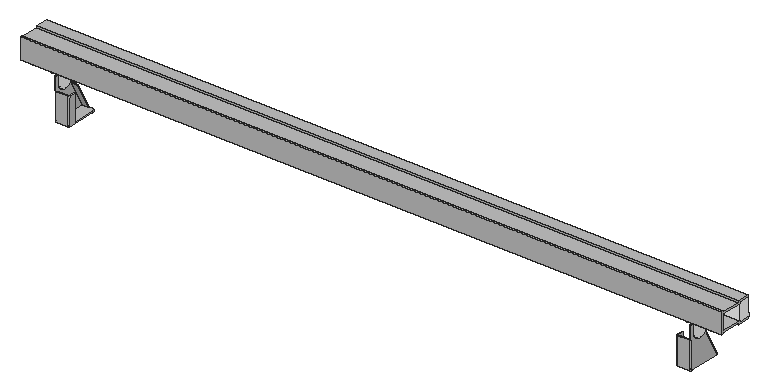
Revit family "4070763+4070746+4070771 Feilo Sylvania Lighting Fixture CURSUS 1161MM 871LM OVAL LED 4K with CONTINUOUS WALL HOUSING with 70MM WALL BRACKET", category Lighting Fixtures, host Face, Revit 2017
Family settings
  Host = Face
  Round Connector Dimension = Use Diameter
  Part Type = Normal
  OmniClass Number = 23.80.70.14
  OmniClass Title = Luminaries for External Lighting
  Cut with Voids When Loaded = Yes
  Light Source = No
  Shared = No
  Room Calculation Point = No
Parameters (values of type "4070763 CURSUS 1161MM 871LM OVAL LED 4K")
  Weight = "2.2 kg"
  Wattage Comments = "n/a"
  WarrantyStartDate [instance] = "n/a"
  WarrantyGuarantorParts = "n/a"
  WarrantyDurationUnit = "n/a"
  WarrantyDurationParts = "n/a"
  WarrantyDescription = "n/a"
  Voltage = 24 V
  URL = "http://www.sylvania-lighting.com"
  TypeName = "CURSUS 1161MM 871LM OVAL LED 4K"
  TypeFixture_FEILO = CURSUS with CONTINUOUS WALL HOUSING : CURSUS 1161MM 871LM OVAL LED 4K
  Type Image = <None>
  Type Comments = "n/a"
  TiltAngle [instance] = 0.00°
  StartAngle [instance] = TiltAngle + 270.00°  # 270.00°
  SerialNumber [instance] = "n/a"
  ReflectorMaterial = none
  PowerFactor = 0
  PowerConsumption = "18 W"
  NominalLength = 1161 mm
  NominalHeight = 50 mm
  NominalDepth = 30 mm
  Name = "CURSUS 1161MM 871LM OVAL LED 4K"
  ModelReference = Name  # "CURSUS 1161MM 871LM OVAL LED 4K"
  ModelNumber = "4070763"
  Model = Name  # "CURSUS 1161MM 871LM OVAL LED 4K"
  Material = "natural anodised extruded aluminium structure housing, optical system with pmma lenses diffuser"
  ManufacturerName = "Feilo Sylvania"
  Manufacturer = "Feilo Sylvania"
  LuminousEfficacy = "48.38 lm/W"
  LuminaireType = ""
  LightOutputRatio = "100"
  LampsType = Lamp  # "LED"
  LampNominalLuminous = "871 lm"
  LampMacAdamStep = "n/a"
  LampColourTemperature = "4000 K"
  LampColourRenderingIndex = "80"
  Lamp = "LED"
  Keynote = "16500"
  InstallationDate [instance] = "n/a"
  InputVoltage = "24V DC"
  InputNominalFrequency = "50/60 Hz"
  IngressProtection = "IP67"
  ImpactProtectionIndex = "IK07"
  IfcExportType = "IfcLightFixtureType"
  IfcExportAs = "IfcLightFixtureType"
  ExpectedLife = 50000
  EndAngle [instance] = StartAngle - 180.00°  # 90.00°
  ElectricShockClassification = "Class III"
  DurationUnit = "hours"
  DocumentationLiterature = "http://www.sylvania-lighting.com/product/en-int/products/4070763"
  DimmingControlOptions = "n/a"
  DiffuserMaterial = Diffuser-Sylvania-Glow
  Description = "LED Exterior Lighting Recessed Surface Mounted Linear Fixture, Natural anodised extruded aluminium structure. Die-cast aluminium end caps. Installation kit with harmonic steel springs., 871 lm, 18W,  48lm/W, 4000K, CRI80+,non dimmable,IP67, IK07, (HxWxD) 1161x50x30mm, 3 step Mac Adam Ellipse, 2.2kg,, Classe III, 21-25V-DC, energy class : A++, A+, A"
  Default Elevation = 1219.2 mm
  CreatedOn = "1/8/2018"
  CreatedBy = ""
  Cost = 0
  built-in parameter 1114216 [instance] = (empty or 0)
  ClassificationValue = "EF_70_80"
  ClassificationName = "Uniclass2015"
  BracketWidth = 24 mm
  BracketThickness = 2 mm
  BracketHeightEnd = 32 mm
  BracketHeight = 55 mm
  BracketFlange = BracketHeight / 5  # 11 mm
  BracketExtension = 70 mm
  BracketEndReduction = 25 mm
  BracketC = 22 mm  # constant formula
  BracketDistance = 1030 mm
  BracketD = BracketHeightEnd - (BracketC * (BracketHeight - BracketHeightEnd) / (BracketExtension - BracketEndReduction))  # 20.756 mm
  BodyMaterial = Body-Sylvania-Gray
  BarCode [instance] = "n/a"
  AssetType = "Fixed"
  AssetIdentifier [instance] = "n/a"
  Assembly Code = "D5020200"
  Apparent Load = 18 VA
  AccessoryMaterial = Diffuser-Sylvania-Glow
Reference planes
  plane 1 "Center (Front/Back)": y = 0
  plane 2: z = 0
  plane 3 "Center (Left/Right)": x = 0
  plane 4: x = -527
  plane 5: x = 527
  plane 6: y = 55
  plane 7: x = -503
  plane 8: x = 503
  plane 9: z = 70
  plane 10: z = 56
  plane 11: z = 2
  plane 12: z = 45
  plane 13: x = -525
  plane 14: y = 53
  plane 15: y = 2
  plane 16: x = -505
  plane 17: x = 505
  plane 18: x = 525
  plane 19: x = -515
  plane 20: x = 515
  plane 21: y = 11
  plane 22: y = 32
  plane 23: y = 30
  plane 24: z = 67
  plane 25: y = 20.756
  plane 26: y = 16
Forms (mm)
  Blend 1, solid, material "Body-Sylvania-Gray" <- "BodyMaterial"
    base sketch origin (1223.4, -4572, 2) x (0, -1, 0) y (1, 0, 0)
      loop
        line (-4625, -1738.4) -> (-4627, -1738.4) -> (-4627, -1748.4)
        arc (-4627, -1748.4) -> (-4626.414, -1749.814) -> (-4625, -1750.4) r 2
        line (-4625, -1750.4) -> (-4574, -1750.4)
        arc (-4574, -1750.4) -> (-4572.586, -1749.814) -> (-4572, -1748.4) r 2
        line (-4572, -1748.4) -> (-4572, -1728.4)
        arc (-4572, -1728.4) -> (-4572.586, -1726.986) -> (-4574, -1726.4) r 2
        line (-4574, -1726.4) -> (-4583, -1726.4) -> (-4583, -1728.4) -> (-4574, -1728.4) -> (-4574, -1748.4) -> (-4625, -1748.4) -> (-4625, -1738.4)
    top sketch origin (1223.4, -4572, 2) x (0, -1, 0) y (1, 0, 0)
      loop
        line (-4583, -1728.4) -> (-4574, -1728.4) -> (-4574, -1748.4) -> (-4602, -1748.4) -> (-4602, -1738.4) -> (-4604, -1738.4) -> (-4604, -1748.4)
        arc (-4604, -1748.4) -> (-4603.52, -1749.71) -> (-4602.309, -1750.4) r 2.028
        line (-4602.309, -1750.4) -> (-4574, -1750.4)
        arc (-4574, -1750.4) -> (-4572.586, -1749.814) -> (-4572, -1748.4) r 2
        line (-4572, -1748.4) -> (-4572, -1728.4)
        arc (-4572, -1728.4) -> (-4572.586, -1726.986) -> (-4574, -1726.4) r 2
        line (-4574, -1726.4) -> (-4583, -1726.4) -> (-4583, -1728.4)
    from 0 to 43
  Extrusion 2, solid, material "Body-Sylvania-Gray" <- "BodyMaterial"
    sketch origin (0, 0, 0) x (1, 0, 0) y (0, 1, 0)
      loop
        arc (-525, 55) -> (-526.414, 54.414) -> (-527, 53) r 2
        line (-527, 53) -> (-527, 2)
        arc (-527, 2) -> (-526.414, 0.586) -> (-525, 0) r 2
        line (-525, 0) -> (-505, 0)
        arc (-505, 0) -> (-503.586, 0.586) -> (-503, 2) r 2
        line (-503, 2) -> (-503, 47.5)
        arc (-503, 47.5) -> (-505.197, 52.803) -> (-510.5, 55) r 7.5
        line (-510.5, 55) -> (-525, 55)
      loop
        line (525, 55) -> (510.5, 55)
        arc (510.5, 55) -> (505.197, 52.803) -> (503, 47.5) r 7.5
        line (503, 47.5) -> (503, 2)
        arc (503, 2) -> (503.586, 0.586) -> (505, 0) r 2
        line (505, 0) -> (525, 0)
        arc (525, 0) -> (526.414, 0.586) -> (527, 2) r 2
        line (527, 2) -> (527, 53)
        arc (527, 53) -> (526.414, 54.414) -> (525, 55) r 2
    from 0 to 2
  Blend 3, solid, material "Body-Sylvania-Gray" <- "BodyMaterial"
    base sketch origin (1223.4, -4572, 2) x (0, -1, 0) y (1, 0, 0)
      loop
        line (-4625, -698.4) -> (-4574, -698.4) -> (-4574, -718.4) -> (-4583, -718.4) -> (-4583, -720.4) -> (-4574, -720.4)
        arc (-4574, -720.4) -> (-4572.586, -719.814) -> (-4572, -718.4) r 2
        line (-4572, -718.4) -> (-4572, -698.4)
        arc (-4572, -698.4) -> (-4572.586, -696.986) -> (-4574, -696.4) r 2
        line (-4574, -696.4) -> (-4625, -696.4)
        arc (-4625, -696.4) -> (-4626.414, -696.986) -> (-4627, -698.4) r 2
        line (-4627, -698.4) -> (-4627, -708.4) -> (-4625, -708.4) -> (-4625, -698.4)
    top sketch origin (1223.4, -4572, 2) x (0, -1, 0) y (1, 0, 0)
      loop
        line (-4602, -708.4) -> (-4602, -698.4) -> (-4574, -698.4) -> (-4574, -718.4) -> (-4583, -718.4) -> (-4583, -720.4) -> (-4574, -720.4)
        arc (-4574, -720.4) -> (-4572.586, -719.814) -> (-4572, -718.4) r 2
        line (-4572, -718.4) -> (-4572, -698.4)
        arc (-4572, -698.4) -> (-4572.586, -696.986) -> (-4574, -696.4) r 2
        line (-4574, -696.4) -> (-4602, -696.4)
        arc (-4602, -696.4) -> (-4603.414, -696.986) -> (-4604, -698.4) r 2
        line (-4604, -698.4) -> (-4604, -708.4) -> (-4602, -708.4)
    from 0 to 43
  Blend 4, solid, material "Body-Sylvania-Gray" <- "BodyMaterial"
    base sketch origin (1223.4, -4572, 45) x (0, -1, 0) y (1, 0, 0)
      loop
        line (-4604, -1750.4) -> (-4572, -1750.4) -> (-4572, -1748.4) -> (-4604, -1748.4) -> (-4604, -1750.4)
    top sketch origin (1223.4, -4572, 45) x (0, -1, 0) y (1, 0, 0)
      loop
        line (-4572, -1750.4) -> (-4572, -1748.4) -> (-4592.756, -1748.4) -> (-4592.756, -1750.4) -> (-4572, -1750.4)
    from 0 to 22
  Blend 5, solid, material "Body-Sylvania-Gray" <- "BodyMaterial"
    base sketch origin (1223.4, -4572, 45) x (0, -1, 0) y (1, 0, 0)
      loop
        line (-4604, -698.4) -> (-4572, -698.4) -> (-4572, -696.4) -> (-4604, -696.4) -> (-4604, -698.4)
    top sketch origin (1223.4, -4572, 45) x (0, -1, 0) y (1, 0, 0)
      loop
        line (-4572, -696.4) -> (-4592.756, -696.4) -> (-4592.756, -698.4) -> (-4572, -698.4) -> (-4572, -696.4)
    from 0 to 22
  Extrusion 6, void
    sketch origin (0, 0, 0) x (0, 1, 0) y (0, 0, 1)
      loop
        line (0, 45) -> (2, 45) -> (2, 46.5) -> (0, 46.5) -> (0, 45)
      loop
        line (32, 45) -> (32, 46.5) -> (30, 46.5) -> (30, 45) -> (32, 45)
    from -527 to 527
  Revolve 7, solid, not visible
    sketch origin (1524, 16, 1219.2) x (1, 0, 0) y (0, 0, 1)
      loop
        line (-1524, -1152.2) -> (-1524, -1163.2) -> (-1009, -1163.2) -> (-1009, -1152.2) -> (-1524, -1152.2)
      axis (-1009, -1163.2) -> (-1524, -1163.2)
    angle from 270 <- "StartAngle" to 90 <- "EndAngle"
Cuts and joins
  Extrusion 6 cuts Blend 4
  Extrusion 6 cuts Blend 5
  joined: Blend 1, Extrusion 2, Blend 3, Blend 4, Blend 5
Lines and regions (mm)
  reference lines, not visible
    curve 1: line (-503, 16, 56) -> (503, 16, 56)
Dimensions and locks
  equal spacing: plane 4, plane 3 "Center (Left/Right)", plane 5
  "BracketDistance": plane 19 to plane 20
  "BracketHeight": plane 1 "Center (Front/Back)" to plane 6
  equal spacing: plane 7, plane 3 "Center (Left/Right)", plane 8
  "BracketWidth": plane 4 to plane 7
  "BracketExtension": plane 9 to plane 2
  "BracketThickness": plane 11 to plane 2
  "BracketEndReduction": plane 9 to plane 12
  equal spacing: plane 13, plane 3 "Center (Left/Right)", plane 18
  equal spacing: plane 16, plane 3 "Center (Left/Right)", plane 17
  "BracketThickness": plane 4 to plane 13
  "BracketThickness": plane 16 to plane 7
  "BracketThickness": plane 14 to plane 6
  "BracketThickness": plane 1 "Center (Front/Back)" to plane 15
  equal spacing: plane 4, plane 19, plane 7
  equal spacing: plane 8, plane 20, plane 5
  "BracketFlange": plane 1 "Center (Front/Back)" to plane 21
  "BracketHeightEnd": plane 1 "Center (Front/Back)" to plane 22
  "BracketThickness": plane 23 to plane 22
  locked: Extrusion 2 sketch curve to plane 7 at 7.5
  locked: Extrusion 2 sketch curve to plane 6 at 7.5  (x2)
  locked: plane 8 to Extrusion 2 sketch curve at 7.5
  "BracketC": plane 24 to plane 12
  "BracketD": plane 1 "Center (Front/Back)" to plane 25
  locked: plane 12 to Extrusion 6 sketch curve at 1.5
  equal spacing: plane 24, plane 10, plane 12
  equal spacing: plane 1 "Center (Front/Back)", plane 26, plane 22
  aligned and locked: plane 2 to host face
  aligned and locked: level to host face
  aligned and locked: plane 4 to Blend 1 sketch curve  (x2)
  aligned and locked: plane 13 to Blend 1 sketch curve  (x3)
  aligned and locked: Blend 1 sketch curve to plane 15
  aligned and locked: Blend 1 sketch curve to plane 16
  aligned and locked: Blend 1 sketch curve to plane 21
  aligned and locked: plane 7 to Blend 1 sketch curve
  aligned and locked: plane 16 to Blend 1 sketch curve
  aligned and locked: plane 1 "Center (Front/Back)" to Blend 1 sketch curve
  aligned and locked: plane 14 to Blend 1 sketch curve
  aligned and locked: Blend 1 sketch curve to var sketch  (x6)
  aligned and locked: Blend 1 sketch curve to plane 19
  aligned and locked: Blend 1 sketch curve to plane 22
  aligned and locked: plane 23 to Blend 1 sketch curve
  aligned and locked: plane 11 to Blend 1
  aligned and locked: Extrusion 2 sketch curve to Blend 1  (x3)
  aligned and locked: Extrusion 2 to level
  aligned and locked: Extrusion 2 to plane 11
  aligned and locked: Extrusion 2 sketch curve to plane 7
  aligned and locked: plane 18 to Blend 3 sketch curve  (x4)
  aligned and locked: plane 14 to Blend 3 sketch curve  (x2)
  aligned and locked: Blend 3 sketch curve to plane 20
  aligned and locked: Blend 3 sketch curve to plane 6
  aligned and locked: plane 5 to Blend 3 sketch curve
  aligned and locked: plane 1 "Center (Front/Back)" to Blend 3 sketch curve
  aligned and locked: plane 15 to Blend 3 sketch curve  (x2)
  aligned and locked: Blend 3 sketch curve to plane 8
  aligned and locked: Blend 3 sketch curve to plane 21
  aligned and locked: plane 17 to Blend 3 sketch curve
  aligned and locked: Blend 3 sketch curve to plane 18
  aligned and locked: plane 20 to Blend 3 sketch curve  (x2)
  aligned and locked: Blend 3 sketch curve to plane 23
  aligned and locked: Blend 3 sketch curve to var sketch  (x8)
  aligned and locked: var sketch to Blend 3 sketch curve
  aligned and locked: plane 22 to Blend 3 sketch curve
  aligned and locked: plane 11 to Blend 3
  aligned and locked: Extrusion 2 sketch curve to Blend 3  (x4)
  aligned and locked: Blend 1 to plane 12
  aligned and locked: Blend 3 to plane 12
  aligned and locked: Blend 4 sketch curve to plane 22
  aligned and locked: Blend 4 sketch curve to cut or joined group of Blend 1, Extrusion 2, Blend 3, Blend 4, Blend 5, Extrusion 6  (x2)
  aligned and locked: cut or joined group of Blend 1, Extrusion 2, Blend 3, Blend 4, Blend 5, Extrusion 6 to Blend 4 sketch curve
  aligned and locked: Blend 4 sketch curve to var sketch  (x2)
  aligned and locked: Blend 4 sketch curve to plane 13
  aligned and locked: Blend 4 to plane 24
  aligned and locked: Blend 4 sketch curve to plane 25
  aligned and locked: Blend 5 sketch curve to plane 18  (x2)
  aligned and locked: plane 1 "Center (Front/Back)" to Blend 5 sketch curve
  aligned and locked: plane 5 to Blend 5 sketch curve
  aligned and locked: plane 22 to Blend 5 sketch curve
  aligned and locked: Blend 5 sketch curve to var sketch
  aligned and locked: var sketch to Blend 5 sketch curve
  aligned and locked: Blend 5 sketch curve to plane 25
  aligned and locked: Blend 5 to plane 24
  aligned and locked: plane 12 to Blend 5
  aligned and locked: Extrusion 6 sketch curve to cut or joined group of Blend 1, Extrusion 2, Blend 3, Blend 4, Blend 5, Extrusion 6  (x2)
  aligned and locked: Extrusion 6 sketch curve to Extrusion 6 sketch curve
  aligned and locked: Extrusion 6 sketch curve to plane 15
  aligned and locked: plane 5 to Extrusion 6
  aligned and locked: Extrusion 6 to plane 4
  aligned and locked: Extrusion 6 sketch curve to plane 23
  aligned and locked: Revolve 7 sketch curve to plane 10  (x2)
  aligned and locked: plane 24 to Revolve 7 sketch curve
  aligned and locked: plane 3 "Center (Left/Right)" to Revolve 7 sketch curve
  aligned and locked: Revolve 7 sketch curve to plane 20
  aligned and locked: plane 7 to curve 1
  aligned and locked: plane 10 to curve 1
  aligned and locked: nested 1 to plane 5
  aligned and locked: nested 2 to plane 4
  aligned and locked: nested 1 to curve 1
  aligned and locked: nested 2 to curve 1
  aligned and locked: nested 1 to nested 3
  aligned and locked: nested 3 to plane 3 "Center (Left/Right)"
Automatic sketch dimensions
  host sketch curve to host sketch curve = 2438.4 mm  (x2)
  Blend 1 sketch curve to plane 13 = 0 mm
  plane 15 to Blend 1 sketch curve = 0 mm  (x3)
  Blend 1 sketch curve to plane 23 = 0.309 mm
  plane 6 to Blend 1 sketch curve = 0 mm
  plane 14 to Blend 1 sketch curve = 0 mm
  Blend 1 sketch curve to plane 19 = 0 mm
  Blend 3 sketch curve to plane 17 = 0 mm
  Extrusion 6 sketch curve to plane 1 "Center (Front/Back)" = 0 mm
  plane 12 to Extrusion 6 sketch curve = 0 mm
  Revolve 7 sketch curve to plane 4 = 1153 mm
  plane 5 to Revolve 7 sketch curve = 1161.4 mm
  curve 1 to plane 8 = 0 mm
Nested families
  nested 1: "MountingPlate" at (526, 16, 56) x (-1, 0, 0) z (0, 0, 1), type "MountingPlate"
  nested 2: "MountingPlate" at (-526, 16, 56) x (-1, 0, 0) z (0, 0, 1), type "MountingPlate"
  nested 3: "CURSUS with CONTINUOUS WALL HOUSING" at (0, -4, 74) x (-1, 0, 0) z (0, 0, 1), type <- "TypeFixture_FEILO", type "CURSUS 1161MM 871LM OVAL LED 4K"
    with WarrantyStartDate "n/a", SerialNumber "n/a", InstallationDate "n/a", EndCapRight no, EndCapLeft no, built-in parameter 1114216 (empty or 0), BarCode "n/a", AssetIdentifier "n/a"
Connectors
  electrical at (0, 0, 0), driven by "Voltage", driven by "Apparent Load", driven by "PowerFactor", driven by "Apparent Load"
    settings: index 1, voltage 24 V, apparent load 18 VA, apparent load phase1 18 VA, apparent load phase2 0 VA, apparent load phase3 0 VA, power factor 0, load classification "Other", number of poles 1, system type 30, power factor state 1, is connector primary yes, connector utility no, sub classification motor no, connector description ""
Definition of nested family "MountingPlate"
  Parameters (values of type "MountingPlate")
    URL = "http://www.feilosylvania.com"
    Type Comments = "n/a"
    ReflectorMaterial = none
    MountingPlateWidth = 76 mm
    MountingPlateThickness = 2 mm
    MountingPlateRadiusBack = 12 mm
    MountingPlateRadius = 3 mm
    MountingPlateHeight = 35 mm
    Model = "n/a"
    Manufacturer = "Feilo Sylvania"
    Keynote = "n/a"
    DiffuserMaterial = none
    Description = "n/a"
    Default Elevation = 1219.2 mm
    Cost = 0
    BodyMaterial = none
    Assembly Code = "n/a"
    AccessoryMaterial = none
  Reference planes
    plane 1 "Center (Front/Back)": y = 0
    plane 2: z = 0
    plane 3 "Center (Left/Right)": x = 0
    plane 4: x = -38
    plane 5: x = 38
    plane 6: y = 17.5
    plane 7: y = -17.5
    plane 8: x = -3
    plane 9: x = 3
    plane 10: z = 18
    plane 11: z = 16
    plane 12: y = 12.5
    plane 13: y = -12.5
    plane 14: x = -1
    plane 15: x = 1
    plane 16: z = -12.5
    plane 17: z = -14.5
  Forms (mm)
    Extrusion 1, solid
      sketch origin (1.653, 0, 0) x (1, 0, 0) y (0, 1, 0)
        loop
          line (-1219.2, 1219.2) -> (-1219.2, -1219.2) -> (1219.2, -1219.2) -> (1219.2, 1219.2) -> (-1219.2, 1219.2)
      from 0 to -304.8
    Extrusion 2, solid, material <- "BodyMaterial"
      sketch origin (1218.4, -4572, 16) x (0, -1, 0) y (-1, 0, 0)
        loop
          line (-4589.5, 1253.4) -> (-4589.5, 1224.4)
          arc (-4589.5, 1224.4) -> (-4588.621, 1222.279) -> (-4586.5, 1221.4) r 3
          line (-4586.5, 1221.4) -> (-4557.5, 1221.4)
          arc (-4557.5, 1221.4) -> (-4555.379, 1222.279) -> (-4554.5, 1224.4) r 3
          line (-4554.5, 1224.4) -> (-4554.5, 1253.4)
          arc (-4554.5, 1253.4) -> (-4555.379, 1255.521) -> (-4557.5, 1256.4) r 3
          line (-4557.5, 1256.4) -> (-4586.5, 1256.4)
          arc (-4586.5, 1256.4) -> (-4588.621, 1255.521) -> (-4589.5, 1253.4) r 3
        loop
          arc (-4589.5, 1183.4) -> (-4588.621, 1181.279) -> (-4586.5, 1180.4) r 3
          line (-4586.5, 1180.4) -> (-4557.5, 1180.4)
          arc (-4557.5, 1180.4) -> (-4555.379, 1181.279) -> (-4554.5, 1183.4) r 3
          line (-4554.5, 1183.4) -> (-4554.5, 1212.4)
          arc (-4554.5, 1212.4) -> (-4555.379, 1214.521) -> (-4557.5, 1215.4) r 3
          line (-4557.5, 1215.4) -> (-4586.5, 1215.4)
          arc (-4586.5, 1215.4) -> (-4588.621, 1214.521) -> (-4589.5, 1212.4) r 3
          line (-4589.5, 1212.4) -> (-4589.5, 1183.4)
      from 0 to -2
    Extrusion 3, solid, material <- "BodyMaterial"
      sketch origin (0, 0, 0) x (1, 0, 0) y (0, 0, 1)
        loop
          line (-3, 18) -> (-3, -12.5) -> (-1, -12.5) -> (-1, 16)
          arc (-1, 16) -> (-1.586, 17.414) -> (-3, 18) r 2
        loop
          line (3, -12.5) -> (3, 18)
          arc (3, 18) -> (1.586, 17.414) -> (1, 16) r 2
          line (1, 16) -> (1, -12.5) -> (3, -12.5)
      from -12.5 to 12.5
    Extrusion 4, void
      sketch origin (0, 0, 0) x (0, 1, 0) y (0, 0, 1)
        loop
          line (-12.5, -0.5) -> (-17.5, -0.5) -> (-17.5, -14.5) -> (-0.5, -14.5) -> (-0.5, -12.5)
          arc (-0.5, -12.5) -> (-8.985, -8.985) -> (-12.5, -0.5) r 12
        loop
          line (0.5, -12.5) -> (0.5, -14.5) -> (17.5, -14.5) -> (17.5, -0.5) -> (12.5, -0.5)
          arc (12.5, -0.5) -> (8.985, -8.985) -> (0.5, -12.5) r 12
      from -3 to 3
  Cuts and joins
    Extrusion 4 cuts Extrusion 2
    Extrusion 4 cuts Extrusion 3
    joined: Extrusion 2, Extrusion 3
  Lines and regions (mm)
    reference lines
      curve 1: line (-38, 0, 0) -> (38, 0, 0)
  Dimensions and locks
    equal spacing: plane 4, plane 3 "Center (Left/Right)", plane 5
    "MountingPlateWidth": plane 4 to plane 5
    equal spacing: plane 7, plane 1 "Center (Front/Back)", plane 6
    "MountingPlateHeight": plane 7 to plane 6
    equal spacing: plane 8, plane 3 "Center (Left/Right)", plane 9
    "MountingPlateHeight": plane 4 to plane 8
    locked: plane 10 to plane 2 at 18
    "MountingPlateThickness": plane 10 to plane 11
    equal spacing: plane 13, plane 1 "Center (Front/Back)", plane 12
    locked: plane 13 to plane 12 at 25
    "MountingPlateRadius": plane 4 to Extrusion 2 sketch curve  (x2)
    "MountingPlateRadius": Extrusion 2 sketch curve to plane 6  (x4)
    "MountingPlateRadius": Extrusion 2 sketch curve to plane 8  (x2)
    "MountingPlateRadius": plane 7 to Extrusion 2 sketch curve  (x4)
    "MountingPlateRadius": plane 9 to Extrusion 2 sketch curve  (x2)
    "MountingPlateRadius": Extrusion 2 sketch curve to plane 5  (x2)
    equal spacing: plane 15, plane 3 "Center (Left/Right)", plane 14
    "MountingPlateThickness": plane 14 to plane 8
    locked: plane 2 to plane 16 at 12.5
    locked: plane 17 to plane 16 at 2
    "MountingPlateRadiusBack": plane 13 to Extrusion 4 sketch curve
    "MountingPlateRadiusBack": plane 16 to Extrusion 4 sketch curve  (x2)
    "MountingPlateRadiusBack": Extrusion 4 sketch curve to plane 12
    aligned and locked: plane 2 to Extrusion 1
    aligned and locked: level to Extrusion 1
    aligned and locked: Extrusion 2 sketch curve to plane 6
    aligned and locked: Extrusion 2 sketch curve to plane 4
    aligned and locked: plane 7 to Extrusion 2 sketch curve
    aligned and locked: plane 8 to Extrusion 2 sketch curve
    aligned and locked: plane 6 to Extrusion 2 sketch curve
    aligned and locked: Extrusion 2 sketch curve to plane 5
    aligned and locked: Extrusion 2 sketch curve to plane 7
    aligned and locked: plane 9 to Extrusion 2 sketch curve
    aligned and locked: Extrusion 2 to plane 10
    aligned and locked: plane 11 to Extrusion 2
    aligned and locked: Extrusion 3 sketch curve to Extrusion 2  (x2)
    aligned and locked: plane 16 to Extrusion 3 sketch curve  (x2)
    aligned and locked: plane 14 to Extrusion 3 sketch curve
    aligned and locked: plane 9 to Extrusion 3 sketch curve
    aligned and locked: plane 15 to Extrusion 3 sketch curve
    aligned and locked: Extrusion 3 to plane 12
    aligned and locked: plane 13 to Extrusion 3
    aligned and locked: plane 17 to Extrusion 4 sketch curve  (x2)
    aligned and locked: Extrusion 4 sketch curve to plane 7
    aligned and locked: Extrusion 4 sketch curve to plane 6
    aligned and locked: plane 9 to Extrusion 4
    aligned and locked: Extrusion 4 to plane 8
    aligned and locked: plane 4 to curve 1
    aligned and locked: curve 1 to level
  Automatic sketch dimensions
    Extrusion 1 sketch curve to Extrusion 1 sketch curve = 2438.4 mm  (x2)
    Extrusion 3 sketch curve to plane 11 = 0 mm
    curve 1 to plane 5 = 0 mm
    Extrusion 4 sketch curve to plane 13 = 0 mm
    Extrusion 4 sketch curve to plane 12 = 0 mm
Definition of nested family "CURSUS with CONTINUOUS WALL HOUSING"
  Parameters (values of type "CURSUS 1161MM 827LM OVAL LED 3K")
    Width_FEILO = 35 mm
    Weight = "2.2 kg"
    Wattage Comments = "n/a"
    Wattage = 18 W
    WarrantyStartDate [instance] = "n/a"
    WarrantyGuarantorParts = "n/a"
    WarrantyDurationUnit = "n/a"
    WarrantyDurationParts = "n/a"
    WarrantyDescription = "n/a"
    WallThickness_FEILO = 2.5 mm
    built-in parameter 1150110 = 1 (stored number, unit not read)
    Voltage = 24 V
    URL = "http://www.feilosylvania.com"
    TypeName = "CURSUS 1161MM 827LM OVAL LED 3K"
    Type Image = (empty or 0)
    Type Comments = "n/a"
    built-in parameter 1114217 = 1 (stored number, unit not read)
    Tilt Angle = -90.00°
    built-in parameter 1150109 = 1 (stored number, unit not read)
    built-in parameter 1150134 = (empty or 0)
    built-in parameter 1150113 = 1 (stored number, unit not read)
    SerialNumber [instance] = "n/a"
    ReflectorMaterial = none
    PowerFactor = 0
    PowerConsumption = "18 W"
    Photometric Web File = "4070765.ies"
    NominalLength = 1161 mm
    NominalHeight = 50 mm
    NominalDepth = 30 mm
    Name = "CURSUS 1161MM 827LM OVAL LED 3K"
    ModelReference = Name  # "CURSUS 1161MM 827LM OVAL LED 3K"
    ModelNumber = ""
    Model = Name  # "CURSUS 1161MM 827LM OVAL LED 3K"
    Material = "natural anodised extruded aluminium structure housing, optical system with pmma lenses diffuser"
    ManufacturerName = "Feilo Sylvania"
    Manufacturer = "Feilo Sylvania"
    LuminousEfficacy = "45.94 lm/W"
    built-in parameter 1150105 = 65.811 (stored number, unit not read)
    Lumens = 827 lm
    LuminaireType = ""
    built-in parameter 1150115 = 1 (stored number, unit not read)
    LightOutputRatio = "100"
    built-in parameter 1150137 = (empty or 0)
    built-in parameter 1150139 = (empty or 0)
    Length_FEILO = 1167 mm
    LampsType = Lamp  # "LED"
    LampNominalLuminous = "827 lm"
    LampMacAdamStep = "n/a"
    LampColourTemperature = "3000 K"
    LampColourRenderingIndex = "80"
    built-in parameter 1150112 = 1 (stored number, unit not read)
    built-in parameter 1150114 = 1 (stored number, unit not read)
    Lamp = "LED"
    Keynote = "16500"
    InstallationDate [instance] = "n/a"
    InputVoltage = "24V DC"
    InputNominalFrequency = "n/a"
    built-in parameter 1150132 = (empty or 0)
    built-in parameter 1150102 = (empty or 0)
    built-in parameter 1150107 = 3000 (stored number, unit not read)
    built-in parameter 1150138 = (empty or 0)
    IngressProtection = "IP67"
    ImpactProtectionIndex = "IK07"
    built-in parameter 1150106 = 0.65811 (stored number, unit not read)
    IfcExportType = "IfcLightFixtureType"
    IfcExportAs = "IfcLightFixtureType"
    ExpectedLife = 50000
    EndCapRight [instance] = no
    EndCapLeft [instance] = no
    Emit from Rectangle Width = Width_FEILO - WallThickness_FEILO * 2  # 30 mm
    Emit from Rectangle Length = Length_FEILO - WallThickness_FEILO * 2  # 1162 mm
    Emit Shape Visible in Rendering = no
    ElectricShockClassification = "Class III"
    built-in parameter 1150104 = 4.2684 (stored number, unit not read)
    DurationUnit = "hours"
    DocumentationLiterature = "http://www.feilosylvania.com/product/en-int/products/4070765"
    DimmingControlOptions = "n/a"
    Dimming Lamp Color Temperature Shift = (empty or 0)
    DiffuserMaterial = none
    Description = "LED Exterior Lighting Recessed Surface Mounted Linear Fixture, Natural anodised extruded aluminium structure. Die-cast aluminium end caps. Installation kit with harmonic steel springs., 827 lm, 18W, 45lm/W, 3000K, CRI80+,non dimmable,IP67, IK07, (HxWxD) 1161x50x30mm, 3 step Mac Adam Ellipse, 2.2kg,, Classe III, 21-25V-DC, energy class : A++, A+, A"
    Default Elevation = 1219.2 mm
    CreatedOn = "1/8/2018"
    CreatedBy = "aron.fodor@feilosylvania.com"
    Cost = 0
    Color Filter = 16777215
    built-in parameter 1114216 [instance] = (empty or 0)
    ClassificationValue = "EF_70_80"
    ClassificationName = "Uniclass2015"
    BodyMaterial = none
    BarCode [instance] = "n/a"
    built-in parameter 1114218 = 1 (stored number, unit not read)
    built-in parameter 1150133 = 10 (stored number, unit not read)
    AssetType = "Fixed"
    AssetIdentifier [instance] = "n/a"
    Assembly Code = "D5020200"
    Apparent Load = 18 VA
    AccessoryMaterial = none
  Types (16, lengths in mm): name | Weight | Wattage | Voltage | TypeName | built-in parameter 1150134 | PowerConsumption | Photometric Web File | NominalLength | Name | ModelReference | Model | Material | LuminousEfficacy | built-in parameter 1150105 | Lumens | Length_FEILO | LampNominalLuminous | LampColourTemperature | InputVoltage | InputNominalFrequency | built-in parameter 1150107 | built-in parameter 1150106 | Emit from Rectangle Length | built-in parameter 1150104 | DocumentationLiterature | Description | Apparent Load
    CURSUS 1161MM 827LM OVAL LED 3K | "2.2 kg" | 18 W | 24 V | "CURSUS 1161MM 827LM OVAL LED 3K" | (empty or 0) | "18 W" | "4070765.ies" | 1161 | "CURSUS 1161MM 827LM OVAL LED 3K" | "CURSUS 1161MM 827LM OVAL LED 3K" | "CURSUS 1161MM 827LM OVAL LED 3K" | "natural anodised extruded aluminium structure housing, optical system with pmma lenses diffuser" | "45.94 lm/W" | 65.811 (stored number, unit not read) | 827 lm | 1167 | "827 lm" | "3000 K" | "24V DC" | "n/a" | 3000 (stored number, unit not read) | 0.65811 (stored number, unit not read) | 1162 | 4.2684 (stored number, unit not read) | "http://www.feilosylvania.com/product/en-int/products/4070765" | "LED Exterior Lighting Recessed Surface Mounted Linear Fixture, Natural anodised extruded aluminium structure. Die-cast aluminium end caps. Installation kit with harmonic steel springs., 827 lm, 18W, 45lm/W, 3000K, CRI80+,non dimmable,IP67, IK07, (HxWxD) 1161x50x30mm, 3 step Mac Adam Ellipse, 2.2kg,, Classe III, 21-25V-DC, energy class : A++, A+, A" | 18 VA
    CURSUS 1161MM 731LM WIDE LED 3K | "2.2 kg" | 18 W | 230 V | "CURSUS 1161MM 731LM WIDE LED 3K" | (empty or 0) | "18 W" | "4070764.ies" | 1161 | "CURSUS 1161MM 731LM WIDE LED 3K" | "CURSUS 1161MM 731LM WIDE LED 3K" | "CURSUS 1161MM 731LM WIDE LED 3K" | "natural anodised extruded aluminium structure housing" | "40.61 lm/W" | 58.171 (stored number, unit not read) | 731 lm | 1167 | "731 lm" | "3000 K" | "220-240V~" | "n/a" | 3000 (stored number, unit not read) | 0.58171 (stored number, unit not read) | 1162 | 3.7729 (stored number, unit not read) | "http://www.feilosylvania.com/product/en-int/products/4070764" | "LED Exterior Lighting Recessed Surface Mounted Linear Fixture, Natural anodised extruded aluminium structure. Die-cast aluminium end caps. Installation kit with harmonic steel springs., 731 lm, 18W, 40lm/W, 3000K, CRI80+,non dimmable,IP67, IK07, (HxWxD) 1161x50x30mm, 3 step Mac Adam Ellipse, 2.2kg,, Classe III, 21-25V-DC, energy class : A++, A+, A" | 18 VA
    CURSUS 1161MM 871LM OVAL LED 4K | "2.2 kg" | 18 W | 24 V | "CURSUS 1161MM 871LM OVAL LED 4K" | 12 | "18 W" | "4070763.ies" | 1161 | "CURSUS 1161MM 871LM OVAL LED 4K" | "CURSUS 1161MM 871LM OVAL LED 4K" | "CURSUS 1161MM 871LM OVAL LED 4K" | "natural anodised extruded aluminium structure housing, optical system with pmma lenses diffuser" | "48.38 lm/W" | 69.312 (stored number, unit not read) | 871 lm | 1167 | "871 lm" | "4000 K" | "24V DC" | "50/60 Hz" | 4000 (stored number, unit not read) | 0.69312 (stored number, unit not read) | 1162 | 4.4955 (stored number, unit not read) | "http://www.feilosylvania.com/product/en-int/products/4070763" | "LED Exterior Lighting Recessed Surface Mounted Linear Fixture, Natural anodised extruded aluminium structure. Die-cast aluminium end caps. Installation kit with harmonic steel springs., 871 lm, 18W,  48lm/W, 4000K, CRI80+,non dimmable,IP67, IK07, (HxWxD) 1161x50x30mm, 3 step Mac Adam Ellipse, 2.2kg,, Classe III, 21-25V-DC, energy class : A++, A+, A" | 18 VA
    CURSUS 1161MM 770LM WIDE LED 4K | "2.2 kg" | 18 W | 230 V | "CURSUS 1161MM 770LM WIDE LED 4K" | 12 | "18 W" | "4070762.ies" | 1161 | "CURSUS 1161MM 770LM WIDE LED 4K" | "CURSUS 1161MM 770LM WIDE LED 4K" | "CURSUS 1161MM 770LM WIDE LED 4K" | "natural anodised extruded aluminium structure housing" | "42.77 lm/W" | 61.275 (stored number, unit not read) | 770 lm | 1167 | "770 lm" | "4000 K" | "220-240V~" | "n/a" | 4000 (stored number, unit not read) | 0.61275 (stored number, unit not read) | 1162 | 3.9742 (stored number, unit not read) | "http://www.feilosylvania.com/product/en-int/products/4070762" | "LED Exterior Lighting Recessed Surface Mounted Linear Fixture, Natural anodised extruded aluminium structure. Die-cast aluminium end caps. Installation kit with harmonic steel springs., 770 lm, 18W,  42lm/W, 4000K, CRI80+,non dimmable,IP67, IK07, (HxWxD) 1161x50x30mm, 3 step Mac Adam Ellipse, 2.2kg,, Classe III, 21-25V-DC, energy class : A++, A+, A" | 18 VA
    CURSUS 876MM 620LM OVAL LED 3K | "1.7 kg" | 13.5 W | 24 V | "CURSUS 876MM 620LM OVAL LED 3K" | (empty or 0) | "13.5 W" | "4070758.ies" | 876 | "CURSUS 876MM 620LM OVAL LED 3K" | "CURSUS 876MM 620LM OVAL LED 3K" | "CURSUS 876MM 620LM OVAL LED 3K" | "natural anodised extruded aluminium structure housing, optical system with pmma lenses diffuser" | "45.92 lm/W" | 49.338 (stored number, unit not read) | 620 lm | 882 | "620 lm" | "3000 K" | "24V DC" | "50/60 Hz" | 3000 (stored number, unit not read) | 0.49338 (stored number, unit not read) | 877 | 4.2667 (stored number, unit not read) | "http://www.feilosylvania.com/product/en-int/products/4070758" | "LED Exterior Lighting Recessed Surface Mounted Linear Fixture, Natural anodised extruded aluminium structure. Die-cast aluminium end caps. Installation kit with harmonic steel springs., 620 lm, 13,5W, 45lm/W, 3000K, CRI80+,non dimmable,IP67, IK07, (HxWxD) 876x50x30mm, 3 step Mac Adam Ellipse, 1.7kg,, Classe III, 21-25V-DC, energy class : A++, A+, A" | 13.5 VA
    CURSUS 876MM 548LM WIDE LED 3K | "1.7 kg" | 13.5 W | 24 V | "CURSUS 876MM 548LM WIDE LED 3K" | (empty or 0) | "13.5 W" | "4070757.ies" | 876 | "CURSUS 876MM 548LM WIDE LED 3K" | "CURSUS 876MM 548LM WIDE LED 3K" | "CURSUS 876MM 548LM WIDE LED 3K" | "natural anodised extruded aluminium structure housing" | "40.59 lm/W" | 43.608 (stored number, unit not read) | 548 lm | 882 | "548 lm" | "3000 K" | "24V DC" | "n/a" | 3000 (stored number, unit not read) | 0.43608 (stored number, unit not read) | 877 | 3.7712 (stored number, unit not read) | "http://www.feilosylvania.com/product/en-int/products/4070757" | "LED Exterior Lighting Recessed Surface Mounted Linear Fixture, Natural anodised extruded aluminium structure. Die-cast aluminium end caps. Installation kit with harmonic steel springs., 548 lm, 13,5W, 40lm/W, 3000K, CRI80+,non dimmable,IP67, IK07, (HxWxD) 876x50x30mm, 3 step Mac Adam Ellipse, 1.7kg,, Classe III, 21-25V-DC, energy class : A++, A+, A" | 13.5 VA
    CURSUS 876MM 653LM OVAL LED 4K | "1.7 kg" | 13.5 W | 24 V | "CURSUS 876MM 653LM OVAL LED 4K" | 12 | "13.5 W" | "4070756.ies" | 876 | "CURSUS 876MM 653LM OVAL LED 4K" | "CURSUS 876MM 653LM OVAL LED 4K" | "CURSUS 876MM 653LM OVAL LED 4K" | "natural anodised extruded aluminium structure housing, optical system with pmma lenses diffuser" | "48.37 lm/W" | 51.964 (stored number, unit not read) | 653 lm | 882 | "653 lm" | "4000 K" | "24V DC" | "n/a" | 4000 (stored number, unit not read) | 0.51964 (stored number, unit not read) | 877 | 4.4938 (stored number, unit not read) | "http://www.feilosylvania.com/product/en-int/products/4070756" | "LED Exterior Lighting Recessed Surface Mounted Linear Fixture, Natural anodised extruded aluminium structure. Die-cast aluminium end caps. Installation kit with harmonic steel springs., 653 lm, 13,5W,  48lm/W, 4000K, CRI80+,non dimmable,IP67, IK07, (HxWxD) 876x50x30mm, 3 step Mac Adam Ellipse, 1.7kg,, Classe III, 21-25V-DC, energy class : A++, A+, A" | 13.5 VA
    CURSUS 876MM 577LM WIDE LED 4K | "1.7 kg" | 13.5 W | 24 V | "CURSUS 876MM 577LM WIDE LED 4K" | 12 | "13.5 W" | "4070755.ies" | 876 | "CURSUS 876MM 577LM WIDE LED 4K" | "CURSUS 876MM 577LM WIDE LED 4K" | "CURSUS 876MM 577LM WIDE LED 4K" | "natural anodised extruded aluminium structure housing" | "42.74 lm/W" | 45.916 (stored number, unit not read) | 577 lm | 882 | "577 lm" | "4000 K" | "24V DC" | "n/a" | 4000 (stored number, unit not read) | 0.45916 (stored number, unit not read) | 877 | 3.9707 (stored number, unit not read) | "http://www.feilosylvania.com/product/en-int/products/4070755" | "LED Exterior Lighting Recessed Surface Mounted Linear Fixture, Natural anodised extruded aluminium structure. Die-cast aluminium end caps. Installation kit with harmonic steel springs., 577 lm, 13,5W,  42lm/W, 4000K, CRI80+,non dimmable,IP67, IK07, (HxWxD) 876x50x30mm, 3 step Mac Adam Ellipse, 1.7kg,, Classe III, 21-25V-DC, energy class : A++, A+, A" | 13.5 VA
    CURSUS 591MM 414LM OVAL LED 3K | "1.2 kg" | 9 W | 24 V | "CURSUS 591MM 414LM OVAL LED 3K" | (empty or 0) | "9 W" | "4070751.ies" | 591 | "CURSUS 591MM 414LM OVAL LED 3K" | "CURSUS 591MM 414LM OVAL LED 3K" | "CURSUS 591MM 414LM OVAL LED 3K" | "natural anodised extruded aluminium structure housing, optical system with pmma lenses diffuser" | "46 lm/W" | 32.945 (stored number, unit not read) | 414 lm | 597 | "414 lm" | "3000 K" | "24V DC" | "n/a" | 3000 (stored number, unit not read) | 0.32945 (stored number, unit not read) | 592 | 4.2735 (stored number, unit not read) | "http://www.feilosylvania.com/product/en-int/products/4070751" | "LED Exterior Lighting Recessed Surface Mounted Linear Fixture, Natural anodised extruded aluminium structure. Die-cast aluminium end caps. Installation kit with harmonic steel springs., 414 lm, 9W, 46lm/W, 3000K, CRI80+,non dimmable,IP67, IK07, (HxWxD) 591x50x30mm, 3 step Mac Adam Ellipse, 1.2kg,, Classe III, 21-25V-DC, energy class : A++, A+, A" | 9 VA
    CURSUS 591MM 365LM WIDE LED 3K | "1.2 kg" | 9 W | 24 V | "CURSUS 591MM 365LM WIDE LED 3K" | (empty or 0) | "9 W" | "4070750.ies" | 591 | "CURSUS 591MM 365LM WIDE LED 3K" | "CURSUS 591MM 365LM WIDE LED 3K" | "CURSUS 591MM 365LM WIDE LED 3K" | "natural anodised extruded aluminium structure housing" | "40.55 lm/W" | 29.046 (stored number, unit not read) | 365 lm | 597 | "365 lm" | "3000 K" | "24V DC" | "n/a" | 3000 (stored number, unit not read) | 0.29046 (stored number, unit not read) | 592 | 3.7677 (stored number, unit not read) | "http://www.feilosylvania.com/product/en-int/products/4070750" | "LED Exterior Lighting Recessed Surface Mounted Linear Fixture, Natural anodised extruded aluminium structure. Die-cast aluminium end caps. Installation kit with harmonic steel springs., 365 lm, 9W, 40lm/W, 3000K, CRI80+,non dimmable,IP67, IK07, (HxWxD) 591x50x30mm, 3 step Mac Adam Ellipse, 1.2kg,, Classe III, 21-25V-DC, energy class : A++, A+, A" | 9 VA
    CURSUS 591MM 435LM OVAL LED 4K | "1.2 kg" | 9 W | 24 V | "CURSUS 591MM 435LM OVAL LED 4K" | 12 | "9 W" | "4070749.ies" | 591 | "CURSUS 591MM 435LM OVAL LED 4K" | "CURSUS 591MM 435LM OVAL LED 4K" | "CURSUS 591MM 435LM OVAL LED 4K" | "natural anodised extruded aluminium structure housing, optical system with pmma lenses diffuser" | "48.33 lm/W" | 34.616 (stored number, unit not read) | 435 lm | 597 | "435 lm" | "4000 K" | "24V DC" | "n/a" | 4000 (stored number, unit not read) | 0.34616 (stored number, unit not read) | 592 | 4.4903 (stored number, unit not read) | "http://www.feilosylvania.com/product/en-int/products/4070749" | "LED Exterior Lighting Recessed Surface Mounted Linear Fixture, Natural anodised extruded aluminium structure. Die-cast aluminium end caps. Installation kit with harmonic steel springs., 435 lm, 9W, 48lm/W, 4000K, CRI80+,non dimmable,IP67, IK07, (HxWxD) 591x50x30mm, 3 step Mac Adam Ellipse, 1.2kg,, Classe III, 21-25V-DC, energy class : A++, A+, A" | 9 VA
    CURSUS 591MM 385LM WIDE LED 4K | "1.2 kg" | 9 W | 24 V | "CURSUS 591MM 385LM WIDE LED 4K" | 12 | "9 W" | "4070748.ies" | 591 | "CURSUS 591MM 385LM WIDE LED 4K" | "CURSUS 591MM 385LM WIDE LED 4K" | "CURSUS 591MM 385LM WIDE LED 4K" | "natural anodised extruded aluminium structure housing" | "42.77 lm/W" | 30.637 (stored number, unit not read) | 385 lm | 597 | "385 lm" | "4000 K" | "24V DC" | "n/a" | 4000 (stored number, unit not read) | 0.30637 (stored number, unit not read) | 592 | 3.9742 (stored number, unit not read) | "http://www.feilosylvania.com/product/en-int/products/4070748" | "LED Exterior Lighting Recessed Surface Mounted Linear Fixture, Natural anodised extruded aluminium structure. Die-cast aluminium end caps. Installation kit with harmonic steel springs., 385 lm, 9W,  42lm/W, 4000K, CRI80+,non dimmable,IP67, IK07, (HxWxD) 591x50x30mm, 3 step Mac Adam Ellipse, 1.2kg,, Classe III, 21-25V-DC, energy class : A++, A+, A" | 9 VA
    CURSUS 306MM 207LM OVAL LED3K | "0.6 kg" | 4.5 W | 24 V | "CURSUS 306MM 207LM OVAL LED3K" | (empty or 0) | "4.5 W" | "4070744.ies" | 306 | "CURSUS 306MM 207LM OVAL LED3K" | "CURSUS 306MM 207LM OVAL LED3K" | "CURSUS 306MM 207LM OVAL LED3K" | "natural anodised extruded aluminium structure housing, optical system with pmma lenses diffuser" | "46 lm/W" | 16.473 (stored number, unit not read) | 207 lm | 312 | "207 lm" | "3000 K" | "24V DC" | "n/a" | 3000 (stored number, unit not read) | 0.16473 (stored number, unit not read) | 307 | 4.2735 (stored number, unit not read) | "http://www.feilosylvania.com/product/en-int/products/4070744" | "LED Exterior Lighting Recessed Surface Mounted Linear Fixture, Natural anodised extruded aluminium structure. Die-cast aluminium end caps. Installation kit with harmonic steel springs., 207 lm, 4,5W, 46lm/W, 3000K, CRI80+,non dimmable,IP67, IK07, (HxWxD) 306x50x30mm, 3 step Mac Adam Ellipse, 0.6kg,, Classe III, 21-25V-DC, energy class : A++, A+, A" | 4.5 VA
    CURSUS 306MM 183LM WIDE LED 3K | "0.6 kg" | 4.5 W | 24 V | "CURSUS 306MM 183LM WIDE LED 3K" | (empty or 0) | "4.5 W" | "4070743.ies" | 306 | "CURSUS 306MM 183LM WIDE LED 3K" | "CURSUS 306MM 183LM WIDE LED 3K" | "CURSUS 306MM 183LM WIDE LED 3K" | "natural anodised extruded aluminium structure housing" | "40.66 lm/W" | 14.563 (stored number, unit not read) | 183 lm | 312 | "183 lm" | "3000 K" | "24V DC" | "n/a" | 3000 (stored number, unit not read) | 0.14563 (stored number, unit not read) | 307 | 3.7781 (stored number, unit not read) | "http://www.feilosylvania.com/product/en-int/products/4070743" | "LED Exterior Lighting Recessed Surface Mounted Linear Fixture, Natural anodised extruded aluminium structure. Die-cast aluminium end caps. Installation kit with harmonic steel springs., 183 lm, 4,5W, 40lm/W, 3000K, CRI80+,non dimmable,IP67, IK07, (HxWxD) 306x50x30mm, 3 step Mac Adam Ellipse, 0.6kg,, Classe III, 21-25V-DC, energy class : A++, A+, A" | 4.5 VA
    CURSUS 306MM 218LM OVAL LED 4K | "0.6 kg" | 4.5 W | 24 V | "CURSUS 306MM 218LM OVAL LED 4K" | 12 | "4.5 W" | "4070742.ies" | 306 | "CURSUS 306MM 218LM OVAL LED 4K" | "CURSUS 306MM 218LM OVAL LED 4K" | "CURSUS 306MM 218LM OVAL LED 4K" | "natural anodised extruded aluminium structure housing, optical system with pmma lenses diffuser" | "48.44 lm/W" | 17.348 (stored number, unit not read) | 218 lm | 312 | "218 lm" | "4000 K" | "24V DC" | "n/a" | 4000 (stored number, unit not read) | 0.17348 (stored number, unit not read) | 307 | 4.5006 (stored number, unit not read) | "http://www.feilosylvania.com/product/en-int/products/4070742" | "LED Exterior Lighting Recessed Surface Mounted Linear Fixture, Natural anodised extruded aluminium structure. Die-cast aluminium end caps. Installation kit with harmonic steel springs., 218 lm, 4,5W,  48lm/W, 4000K, CRI80+,non dimmable,IP67, IK07, (HxWxD) 306x50x30mm, 3 step Mac Adam Ellipse, 0.6kg,, Classe III, 21-25V-DC, energy class : A++, A+, A" | 4.5 VA
    CURSUS 306MM 192LM WIDE LED 4K | "0.6 kg" | 4.5 W | 24 V | "CURSUS 306MM 192LM WIDE LED 4K" | 12 | "4.5 W" | "4070741.ies" | 306 | "CURSUS 306MM 192LM WIDE LED 4K" | "CURSUS 306MM 192LM WIDE LED 4K" | "CURSUS 306MM 192LM WIDE LED 4K" | "natural anodised extruded aluminium structure housing" | "42.66 lm/W" | 15.279 (stored number, unit not read) | 192 lm | 312 | "192 lm" | "4000 K" | "24V DC" | "n/a" | 4000 (stored number, unit not read) | 0.15279 (stored number, unit not read) | 307 | 3.9639 (stored number, unit not read) | "http://www.feilosylvania.com/product/en-int/products/4070741" | "LED Exterior Lighting Recessed Surface Mounted Linear Fixture, Natural anodised extruded aluminium structure. Die-cast aluminium end caps. Installation kit with harmonic steel springs., 192 lm, 4,5W,  42lm/W, 4000K, CRI80+,non dimmable,IP67, IK07, (HxWxD) 306x50x30mm, 3 step Mac Adam Ellipse, 0.6kg,, Classe III, 21-25V-DC, energy class : A++, A+, A" | 4.5 VA
  Reference planes
    plane 1 "Center (Front/Back)": y = 0
    plane 2: z = 0
    plane 3 "Center (Left/Right)": x = 0
    plane 4: x = 583.5
    plane 5: x = -583.5
    plane 6: x = -581
    plane 7: x = 581
    plane 8: z = 35
    plane 9: z = 17.5
    plane 10: z = 32.5
    plane 11: z = 2.5
    plane 12: z = 30
    plane 13: z = 5
    plane 14: y = -55
    plane 15: y = -53
    plane 16: y = -2.5
    plane 17: y = -37
    plane 18: y = -34.5
  Forms (mm)
    Extrusion 1, solid
      sketch origin (4.2, 0, 0) x (1, 0, 0) y (0, 1, 0)
        loop
          line (-1219.2, 1219.2) -> (-1219.2, -1219.2) -> (1219.2, -1219.2) -> (1219.2, 1219.2) -> (-1219.2, 1219.2)
      from 0 to -304.8
    Extrusion 2, solid, material <- "BodyMaterial"
      sketch origin (0, 0, 0) x (0, 1, 0) y (0, 0, 1)
        loop
          line (0, 35) -> (-2.5, 35) -> (-2.5, 32.5) -> (-34.5, 32.5) -> (-34.5, 35) -> (-55, 35) -> (-55, 32.5) -> (-37, 32.5) -> (-37, 30) -> (-2.5, 30) -> (-2.5, 5) -> (-37, 5) -> (-37, 2.5) -> (-55, 2.5) -> (-55, 0) -> (-34.5, 0) -> (-34.5, 2.5) -> (-2.5, 2.5) -> (-2.5, 0) -> (0, 0) -> (0, 35)
      from -581 to 581
    Extrusion 3, solid, material <- "DiffuserMaterial"
      sketch origin (0, 0, 0) x (0, 1, 0) y (0, 0, 1)
        loop
          line (-37, 32.5) -> (-55, 32.5) -> (-55, 19.5) -> (-53, 17.5) -> (-55, 15.5) -> (-55, 2.5) -> (-37, 2.5) -> (-37, 32.5)
      from -581 to 581
    Extrusion 4, solid, material <- "BodyMaterial", visible <- "EndCapRight"
      sketch origin (581, 1524, 1219.2) x (0, 1, 0) y (0, 0, 1)
        loop
          line (-1579, -1184.2) -> (-1579, -1219.2) -> (-1524, -1219.2) -> (-1524, -1184.2) -> (-1579, -1184.2)
      from 0 to 2.5
    Extrusion 5, solid, material <- "BodyMaterial", visible <- "EndCapLeft"
      sketch origin (-581, 1524, 1219.2) x (0, 1, 0) y (0, 0, 1)
        loop
          line (-1579, -1184.2) -> (-1579, -1219.2) -> (-1524, -1219.2) -> (-1524, -1184.2) -> (-1579, -1184.2)
      from -2.5 to 0
  Dimensions and locks
    equal spacing: plane 5, plane 3 "Center (Left/Right)", plane 4
    "Length_FEILO": plane 5 to plane 4
    equal spacing: plane 6, plane 3 "Center (Left/Right)", plane 7
    "WallThickness_FEILO": plane 5 to plane 6
    locked: plane 9 to plane 2 at 17.5
    locked: plane 8 to plane 2 at 35
    equal spacing: plane 11, plane 9, plane 10
    equal spacing: plane 13, plane 9, plane 12
    "WallThickness_FEILO": plane 12 to plane 10
    locked: plane 14 to plane 15 at 2
    locked: plane 14 to plane 17 at 18
    "WallThickness_FEILO": plane 17 to plane 18
    "WallThickness_FEILO": plane 16 to plane 1 "Center (Front/Back)"
    locked: plane 15 to Extrusion 3 sketch curve (angle 45.00°)
    locked: Extrusion 3 sketch curve to plane 15 (angle 45.00°)
    aligned and locked: plane 2 to Extrusion 1
    aligned and locked: level to Extrusion 1
    aligned and locked: plane 1 "Center (Front/Back)" to Extrusion 2 sketch curve
    aligned and locked: Extrusion 2 sketch curve to plane 8  (x2)
    aligned and locked: plane 16 to Extrusion 2 sketch curve
    aligned and locked: Extrusion 1 to Extrusion 2 sketch curve
    aligned and locked: Extrusion 2 sketch curve to plane 16  (x2)
    aligned and locked: Extrusion 2 sketch curve to plane 11
    aligned and locked: plane 18 to Extrusion 2 sketch curve
    aligned and locked: level to Extrusion 2 sketch curve
    aligned and locked: plane 11 to Extrusion 2 sketch curve
    aligned and locked: Extrusion 2 sketch curve to plane 17
    aligned and locked: plane 13 to Extrusion 2 sketch curve
    aligned and locked: Extrusion 2 sketch curve to plane 12
    aligned and locked: plane 10 to Extrusion 2 sketch curve  (x2)
    aligned and locked: plane 17 to Extrusion 2 sketch curve  (x2)
    aligned and locked: plane 12 to Extrusion 2 sketch curve
    aligned and locked: Extrusion 2 sketch curve to plane 10
    aligned and locked: Extrusion 2 sketch curve to plane 18
    aligned and locked: plane 7 to Extrusion 2
    aligned and locked: Extrusion 2 to plane 6
    aligned and locked: Extrusion 3 sketch curve to Extrusion 2  (x4)
    aligned and locked: Extrusion 2 to Extrusion 3 sketch curve
    aligned and locked: plane 9 to Extrusion 3 sketch curve
    aligned and locked: plane 7 to Extrusion 3
    aligned and locked: Extrusion 3 to plane 6
    aligned and locked: Extrusion 4 sketch curve to Extrusion 2  (x4)
    aligned and locked: plane 4 to Extrusion 4
    aligned and locked: Extrusion 4 to plane 7
    aligned and locked: Extrusion 5 sketch curve to Extrusion 4  (x3)
    aligned and locked: Extrusion 5 sketch curve to Extrusion 2
    aligned and locked: Extrusion 5 to plane 5
    aligned and locked: plane 6 to Extrusion 5
    aligned and locked: plane 14 to imposter light
    aligned and locked: imposter light to plane 9
    aligned and locked: plane 3 "Center (Left/Right)" to imposter light
  Automatic sketch dimensions
    Extrusion 1 sketch curve to Extrusion 1 sketch curve = 2438.4 mm  (x2)
    Extrusion 2 sketch curve to plane 14 = 0 mm  (x2)
    Extrusion 3 sketch curve to plane 15 = 0 mm
  Connectors
    electrical at (0, 0, 0), driven by "Apparent Load", driven by "PowerFactor", driven by "Voltage"
      settings: index 1, voltage 24 V, apparent load 18 VA, apparent load phase1 0 VA, apparent load phase2 0 VA, apparent load phase3 0 VA, power factor 0, load classification none, number of poles 1, system type 30, power factor state 1, is connector primary yes, connector utility no, sub classification motor no, connector description ""
